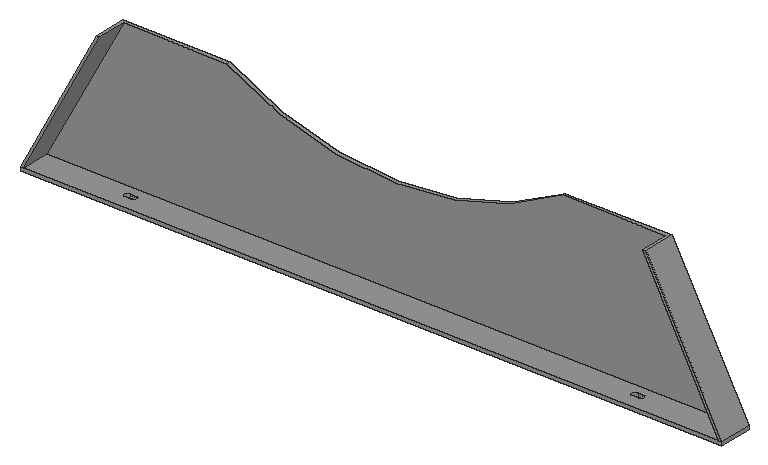
Revit family "O-AF", category Duct Accessories, Revit 2021
Family settings
  Round Connector Dimension = Use Diameter
  Part Type = Attaches To
  Work Plane-Based = No
  Always vertical = Yes
  Cut with Voids When Loaded = No
  Shared = No
Parameters (values of type "O-AF-1000")
  Width = M  # 52 mm
  Weight = 7.20 kg
  Load Classification = "HVAC"
  Length = A  # 1120 mm
  Height = H  # 235 mm
  Dy = 1000 mm
  Default Elevation = 0 mm
  Manufacturer = "BLAUBERG"  # constant formula
  n = 4
  d = 8 mm
  a = 400 mm
  URL = ""
  R4 = R3 - R2  # 130.556 mm
  R3 = R2 + H / 1.8  # 665.556 mm
  R2 = 535 mm
  R1 = 507 mm
  Maintenance zone material = none
  M1 = M - 5 mm  # 47 mm
  M = 52 mm
  Casing Material = Metal, painted, grey, matt RAL 7040
  H = 235 mm
  B1 = B - 10 mm  # 865 mm
  B = 875 mm
  A1 = A - 10 mm  # 1110 mm
  A = 1120 mm
  09_System_Name [instance] = ""
  00_20_Type = "O-AF-1000"
  00_20_Name = "Carrier"  # constant formula
  00_20_Manufacturer = "BLAUBERG"  # constant formula
Types (12, lengths in mm): name | Width | Weight | Length | Height | a | R4 | R3 | R2 | R1 | M1 | M | H | B1 | B | A1 | A | 00_20_Type
  (no name) | 52 | 7.20 kg | 1120 | 235 | 400 | 130.556 | 665.556 | 535 | 507 | 47 | 52 | 235 | 865 | 875 | 1110 | 1120 | "O-AF-1000"
  O-AF-400 | 45 | 1.15 kg | 510 | 115 | 160 | 63.889 | 288.889 | 225 | 207 | 40 | 45 | 115 | 385 | 395 | 500 | 510 | "O-AF-400"
  O-AF-450 | 45 | 1.30 kg | 560 | 125 | 180 | 69.444 | 319.444 | 250 | 232 | 40 | 45 | 125 | 425 | 435 | 550 | 560 | "O-AF-450"
  O-AF-500 | 45 | 1.40 kg | 610 | 130 | 200 | 72.222 | 352.222 | 280 | 257 | 40 | 45 | 130 | 470 | 480 | 600 | 610 | "O-AF-500"
  O-AF-560 | 45 | 1.60 kg | 670 | 140 | 230 | 77.778 | 387.778 | 310 | 287 | 40 | 45 | 140 | 515 | 525 | 660 | 670 | "O-AF-560"
  O-AF-630 | 45 | 1.80 kg | 740 | 150 | 255 | 83.333 | 428.333 | 345 | 322 | 40 | 45 | 150 | 565 | 575 | 730 | 740 | "O-AF-630"
  O-AF-710 | 45 | 2.00 kg | 820 | 160 | 280 | 88.889 | 473.889 | 385 | 362 | 40 | 45 | 160 | 620 | 630 | 810 | 820 | "O-AF-710"
  O-AF-800 | 45 | 2.35 kg | 910 | 180 | 315 | 100 | 530 | 430 | 407 | 40 | 45 | 180 | 695 | 705 | 900 | 910 | "O-AF-800"
  O-AF-900 | 52 | 6.30 kg | 1020 | 215 | 360 | 119.444 | 604.444 | 485 | 457 | 47 | 52 | 215 | 785 | 795 | 1010 | 1020 | "O-AF-900"
  O-AF-1000 | 52 | 7.20 kg | 1120 | 235 | 400 | 130.556 | 665.556 | 535 | 507 | 47 | 52 | 235 | 865 | 875 | 1110 | 1120 | "O-AF-1000"
  O-AF-1120 | 52 | 9.10 kg | 1240 | 270 | 460 | 150 | 745 | 595 | 567 | 47 | 52 | 270 | 992 | 1002 | 1230 | 1240 | "O-AF-1120"
  O-AF-1250 | 52 | 10.25 kg | 1370 | 285 | 510 | 158.333 | 818.333 | 660 | 632 | 47 | 52 | 285 | 1077 | 1087 | 1360 | 1370 | "O-AF-1250"
Reference planes
  plane 1 "По центру (Вперед/Назад)": y = 0
  plane 2: z = 0
  plane 3 "По центру (Влево/Вправо)": x = 0
Forms (mm)
  Extrusion 1, solid, material "Metal, painted, grey, matt RAL 7040" <- "Casing Material"
    sketch origin (0, 0, 0) x (1, 0, 0) y (0, 1, 0)
      loop
        line (-560, 52) -> (-560, 0) -> (560, 0) -> (560, 52) -> (-560, 52)
    from 0 to 5
  Extrusion 2, solid, material "Metal, painted, grey, matt RAL 7040" <- "Casing Material"
    sketch origin (0, 0, 0) x (1, 0, 0) y (0, 0, 1)
      loop
        line (-560, 5) -> (560, 5) -> (437.5, 235) -> (267.714, 235)
        arc (267.714, 235) -> (0, 158.556) -> (-267.714, 235) r 507
        line (-267.714, 235) -> (-437.5, 235) -> (-560, 5)
    from 0 to -52
  Extrusion 3, void
    sketch origin (0, 0, 0) x (1, 0, 0) y (0, 0, 1)
      loop
        line (-555, 5) -> (555, 5) -> (432.5, 235) -> (267.714, 235)
        arc (267.714, 235) -> (0, 158.556) -> (-267.714, 235) r 507
        line (-267.714, 235) -> (-432.5, 235) -> (-555, 5)
    from 0 to -47
  Extrusion 4, void
    sketch origin (0, 0, 0) x (1, 0, 0) y (0, 1, 0)
      loop
        arc (-409.99, 31) -> (-414.99, 26) -> (-409.99, 21) r 5
        line (-409.99, 21) -> (-400, 21)
        arc (-400, 21) -> (-395, 26) -> (-400, 31) r 5
        line (-400, 31) -> (-409.99, 31)
      loop
        line (409.99, 31) -> (400, 31)
        arc (400, 31) -> (395, 26) -> (400, 21) r 5
        line (400, 21) -> (409.99, 21)
        arc (409.99, 21) -> (414.99, 26) -> (409.99, 31) r 5
    from 5 to 0
Cuts and joins
  Extrusion 3 cuts Extrusion 2
  Extrusion 4 cuts Extrusion 1
Dimensions and locks
  equal spacing: Extrusion 1 sketch curve, plane 3 "По центру (Влево/Вправо)", Extrusion 1 sketch curve
  "A": Extrusion 1 sketch curve to Extrusion 1 sketch curve
  "M": Extrusion 1 sketch curve to Extrusion 1 sketch curve
  equal spacing: Extrusion 2 sketch curve, plane 3 "По центру (Влево/Вправо)", Extrusion 2 sketch curve  (x2)
  "B": Extrusion 2 sketch curve to Extrusion 2 sketch curve
  "A": Extrusion 2 sketch curve to Extrusion 2 sketch curve
  "R3": Extrusion 2 sketch curve to level
  "H": Extrusion 2 sketch curve to level  (x2)
  "M": plane 1 "По центру (Вперед/Назад)" to Extrusion 2
  "B1": Extrusion 3 sketch curve to Extrusion 3 sketch curve
  "A1": Extrusion 3 sketch curve to Extrusion 3 sketch curve
  equal spacing: Extrusion 3 sketch curve, plane 3 "По центру (Влево/Вправо)", Extrusion 3 sketch curve  (x2)
  "R3": Extrusion 3 sketch curve to level
  "H": Extrusion 3 sketch curve to level  (x2)
  "M1": plane 1 "По центру (Вперед/Назад)" to Extrusion 3
  equal spacing: Extrusion 1, Extrusion 4 sketch curve, cut or joined group of Extrusion 2, Extrusion 3
  "a": Extrusion 4 sketch curve to plane 3 "По центру (Влево/Вправо)"
  locked: Extrusion 4 sketch curve to Extrusion 4 sketch curve at 9.99  (x2)
  "a": plane 3 "По центру (Влево/Вправо)" to Extrusion 4 sketch curve
  equal spacing: plane 1 "По центру (Вперед/Назад)", Extrusion 4 sketch curve, cut or joined group of Extrusion 2, Extrusion 3
  "R1": radius of Extrusion 2 sketch curve
  "R1": radius of Extrusion 3 sketch curve
  aligned and locked: level to plane 2
  aligned and locked: plane 1 "По центру (Вперед/Назад)" to Extrusion 1
  aligned and locked: plane 1 "По центру (Вперед/Назад)" to Extrusion 2
  aligned and locked: plane 1 "По центру (Вперед/Назад)" to Extrusion 3
  aligned and locked: Extrusion 4 to level
  aligned and locked: Extrusion 1 to Extrusion 4
Automatic sketch dimensions
  plane 1 "По центру (Вперед/Назад)" to Extrusion 1 sketch curve = 0 mm
  Extrusion 2 sketch curve to plane 3 "По центру (Влево/Вправо)" = 0 mm
  level to Extrusion 2 sketch curve = 5 mm
  Extrusion 3 sketch curve to plane 3 "По центру (Влево/Вправо)" = 0 mm
  level to Extrusion 3 sketch curve = 5 mm
  Extrusion 4 sketch curve to Extrusion 4 sketch curve = 5 mm  (x2)
